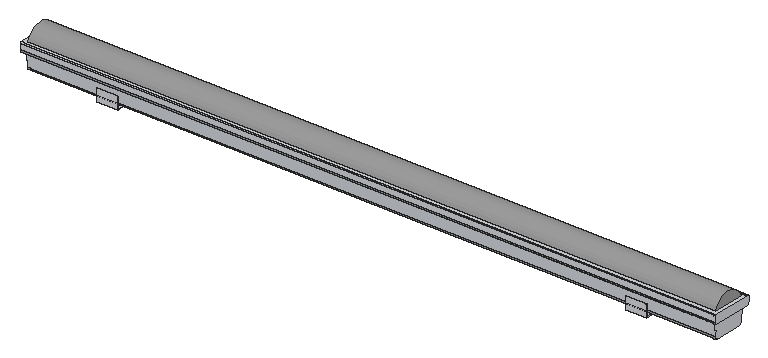
Revit family "0010279", category Lighting Fixtures, host Face, Revit 2017 (continued)
Types (60, lengths in mm): name | Weight | Wattage | TypeName | built-in parameter 1150134 | Photometric Web File | PowerFactor | PowerConsumption | NominalLength | Name | ModelReference | ModelNumber | Model | LuminousEfficacy | built-in parameter 1150105 | Lumens | LampNominalLuminous | LampMacAdamStep | LampColourTemperature | LENGHT_SYL | LENGHT_CHAMFER_SYL | LENGHT-_SYL | LENGHT-_CHAMFER_SYL | L0650_SYL | L1500_SYL | L1200_SYL | built-in parameter 1150107 | built-in parameter 1150106 | built-in parameter 1150104 | DocumentationLiterature | Description | BRACKET_WIDTH_SYL | BRACKET_DIST_SYL | Apparent Load
  0010215 RESISTO 1200 IP66 4800LM 840 QC | "1.61 kg" | 35 W | "Resisto  1200 IP66 4800lm 840 QC" | 12 | "0010215.ies" | 0.95 | "35 W" | 1212 | "Resisto  1200 IP66 4800lm 840 QC" | "Resisto  1200 IP66 4800lm 840 QC" | "0010215" | "Resisto  1200 IP66 4800lm 840 QC" | "137 lm/W" | 1583.6 (stored number, unit not read) | 4795 lm | "4800 lm" | "5" | "4000 K" | 592 | 600 | -592 | -600 | no | no | yes | 4000 (stored number, unit not read) | 15.836 (stored number, unit not read) | 12.728 (stored number, unit not read) | "http://www.sylvania-lighting.com/product/en-int/products/0010215" | "Resisto, integrated LED weatherproof luminaire, with UV stabilized flat diffuser designed to achieve uniform lit appearance, optimise light output and to reduce glare. 301 stainless steel diffuser clips and fixing brackets for surface mounting. Polycarbonate housing and diffuser - no yellow discolouration over time. 4800lm; 35W; 137lm/W; 4000K; SDCM<5; non dimmable; CRI80; IP66; IK08; Class I; 69,000hrs (L80B20) lifespan; 1200mm x 89mm x 88mm; D-mark; assembled with quick connector." | 400 | 444 | 35 VA
  0010214 RESISTO 1200 IP66 2800LM 840 QC | "1.57 kg" | 21 W | "Resisto  1200 IP66 2800lm 840 QC" | 12 | "0010214.ies" | 0.95 | "21 W" | 1212 | "Resisto  1200 IP66 2800lm 840 QC" | "Resisto  1200 IP66 2800lm 840 QC" | "0010214" | "Resisto  1200 IP66 2800lm 840 QC" | "133 lm/W" | 917.95 (stored number, unit not read) | 2793 lm | "2800 lm" | "5" | "4000 K" | 592 | 600 | -592 | -600 | no | no | yes | 4000 (stored number, unit not read) | 9.1795 (stored number, unit not read) | 12.356 (stored number, unit not read) | "http://www.sylvania-lighting.com/product/en-int/products/0010214" | "Resisto, integrated LED weatherproof luminaire, with UV stabilized flat diffuser designed to achieve uniform lit appearance, optimise light output and to reduce glare. 301 stainless steel diffuser clips and fixing brackets for surface mounting. Polycarbonate housing and diffuser - no yellow discolouration over time. 2800lm; 21W; 133lm/W; 4000K; SDCM<5; non dimmable; CRI80; IP66; IK08; Class I; 69,000hrs (L80B20) lifespan; 1200mm x 89mm x 88mm; D-mark; assembled with quick connector." | 400 | 444 | 21 VA
  0010213 RESISTO 1200 IP66 4800LM 865 | "1.54 kg" | 35 W | "Resisto  1200 IP66 4800lm 865" | 1 | "0010213.ies" | 0.95 | "35 W" | 1200 | "Resisto  1200 IP66 4800lm 865" | "Resisto  1200 IP66 4800lm 865" | "0010213" | "Resisto  1200 IP66 4800lm 865" | "137 lm/W" | 1583.6 (stored number, unit not read) | 4795 lm | "4800 lm" | "5" | "6500 K" | 592 | 600 | -592 | -600 | no | no | yes | 6500 (stored number, unit not read) | 15.836 (stored number, unit not read) | 12.728 (stored number, unit not read) | "http://www.sylvania-lighting.com/product/en-int/products/0010213" | "Resisto, integrated LED weatherproof luminaire, with UV stabilized flat diffuser designed to achieve uniform lit appearance, optimise light output and to reduce glare. 301 stainless steel diffuser clips and fixing brackets for surface mounting. Polycarbonate housing and diffuser - no yellow discolouration over time. 4800lm; 35W; 137lm/W; 6500K; SDCM<5; non dimmable; CRI80; IP66; IK08; Class I; 69,000hrs (L80B20) lifespan; 1200mm x 89mm x 88mm; D-mark." | 400 | 444 | 35 VA
  0010212 RESISTO 1200 IP66 2800LM 865 | "1.5 kg" | 21 W | "Resisto  1200 IP66 2800lm 865" | 1 | "0010212.ies" | 0.95 | "21 W" | 1200 | "Resisto  1200 IP66 2800lm 865" | "Resisto  1200 IP66 2800lm 865" | "0010212" | "Resisto  1200 IP66 2800lm 865" | "133 lm/W" | 917.95 (stored number, unit not read) | 2793 lm | "2800 lm" | "5" | "6500 K" | 592 | 600 | -592 | -600 | no | no | yes | 6500 (stored number, unit not read) | 9.1795 (stored number, unit not read) | 12.356 (stored number, unit not read) | "http://www.sylvania-lighting.com/product/en-int/products/0010212" | "Resisto, integrated LED weatherproof luminaire, with UV stabilized flat diffuser designed to achieve uniform lit appearance, optimise light output and to reduce glare. 301 stainless steel diffuser clips and fixing brackets for surface mounting. Polycarbonate housing and diffuser - no yellow discolouration over time. 2800lm; 21W; 133lm/W; 6500K; SDCM<5; non dimmable; CRI80; IP66; IK08; Class I; 69,000hrs (L80B20) lifespan; 1200mm x 89mm x 88mm; D-mark." | 400 | 444 | 21 VA
  0010211 RESISTO 1200 IP66 4800LM 840 | "11.88 kg" | 35 W | "Resisto  1200 IP66 4800lm 840" | 12 | "0010211.ies" | 0.95 | "35.0 W" | 1200 | "Resisto  1200 IP66 4800lm 840" | "Resisto  1200 IP66 4800lm 840" | "0010211" | "Resisto  1200 IP66 4800lm 840" | "137 lm/W" | -7601417.6 (stored number, unit not read) | 4795 lm | "4800 lm" | "5" | "4000 K" | 592 | 600 | -592 | -600 | no | no | yes | 4000 (stored number, unit not read) | -76014.2 (stored number, unit not read) | 12.728 (stored number, unit not read) | "http://www.sylvania-lighting.com/product/en-int/products/0010211" | "Resisto, integrated LED weatherproof luminaire, with UV stabilized flat diffuser designed to achieve uniform lit appearance, optimise light output and to reduce glare. 301 stainless steel diffuser clips and fixing brackets for surface mounting. Polycarbonate housing and diffuser - no yellow discolouration over time. 4800lm; 35W; 137lm/W; 4000K; SDCM<5; non dimmable; CRI80; IP66; IK08; Class I; 69,000hrs (L80B20) lifespan; 1200mm x 89mm x 88mm; D-mark." | 400 | 444 | 35 VA
  0010210 RESISTO 1200 IP66 2800LM 840 | "11.88 kg" | 21 W | "Resisto  1200 IP66 2800lm 840" | 12 | "0010210.ies" | 0.95 | "21.0 W" | 1200 | "Resisto  1200 IP66 2800lm 840" | "Resisto  1200 IP66 2800lm 840" | "0010210" | "Resisto  1200 IP66 2800lm 840" | "133 lm/W" | -2570258.2 (stored number, unit not read) | 2793 lm | "2800 lm" | "5" | "4000 K" | 592 | 600 | -592 | -600 | no | no | yes | 4000 (stored number, unit not read) | -25702.6 (stored number, unit not read) | 12.356 (stored number, unit not read) | "http://www.sylvania-lighting.com/product/en-int/products/0010210" | "Resisto, integrated LED weatherproof luminaire, with UV stabilized flat diffuser designed to achieve uniform lit appearance, optimise light output and to reduce glare. 301 stainless steel diffuser clips and fixing brackets for surface mounting. Polycarbonate housing and diffuser - no yellow discolouration over time. 2800lm; 21W; 133lm/W; 4000K; SDCM<5; non dimmable; CRI80; IP66; IK08; Class I; 69,000hrs (L80B20) lifespan; 1200mm x 89mm x 88mm; D-mark." | 400 | 444 | 21 VA
  0010209 RESISTO 1200 IP66 4800LM 830 | "1.54 kg" | 35 W | "Resisto  1200 IP66 4800lm 830" | (empty or 0) | "0010209.ies" | 0.95 | "35 W" | 1200 | "Resisto  1200 IP66 4800lm 830" | "Resisto  1200 IP66 4800lm 830" | "0010209" | "Resisto  1200 IP66 4800lm 830" | "137 lm/W" | 1583.6 (stored number, unit not read) | 4795 lm | "4800 lm" | "5" | "3000 K" | 592 | 600 | -592 | -600 | no | no | yes | 3000 (stored number, unit not read) | 15.836 (stored number, unit not read) | 12.728 (stored number, unit not read) | "http://www.sylvania-lighting.com/product/en-int/products/0010209" | "Resisto, integrated LED weatherproof luminaire, with UV stabilized flat diffuser designed to achieve uniform lit appearance, optimise light output and to reduce glare. 301 stainless steel diffuser clips and fixing brackets for surface mounting. Polycarbonate housing and diffuser - no yellow discolouration over time. 4800lm; 35W; 137lm/W; 3000K; SDCM<5; non dimmable; CRI80; IP66; IK08; Class I; 69,000hrs (L80B20) lifespan; 1200mm x 89mm x 88mm; D-mark." | 400 | 444 | 35 VA
  0010208 RESISTO 1200 IP66 2800LM 830 | "1.5 kg" | 21 W | "Resisto  1200 IP66 2800lm 830" | (empty or 0) | "0010208.ies" | 0.95 | "21 W" | 1200 | "Resisto  1200 IP66 2800lm 830" | "Resisto  1200 IP66 2800lm 830" | "0010208" | "Resisto  1200 IP66 2800lm 830" | "133 lm/W" | 917.95 (stored number, unit not read) | 2793 lm | "2800 lm" | "5" | "3000 K" | 592 | 600 | -592 | -600 | no | no | yes | 3000 (stored number, unit not read) | 9.1795 (stored number, unit not read) | 12.356 (stored number, unit not read) | "http://www.sylvania-lighting.com/product/en-int/products/0010208" | "Resisto, integrated LED weatherproof luminaire, with UV stabilized flat diffuser designed to achieve uniform lit appearance, optimise light output and to reduce glare. 301 stainless steel diffuser clips and fixing brackets for surface mounting. Polycarbonate housing and diffuser - no yellow discolouration over time. 2800lm; 21W; 133lm/W; 3000K; SDCM<5; non dimmable; CRI80; IP66; IK08; Class I; 69,000hrs (L80B20) lifespan; 1200mm x 89mm x 88mm; D-mark." | 400 | 444 | 21 VA
  0010207 RESISTO 600 HE IP66 2500LM 840 | "0.96 kg" | 16 W | "Resisto  600 HE IP66 2500lm 840" | 12 | "0010207.ies" | 0.95 | "16 W" | 650 | "Resisto  600 HE IP66 2500lm 840" | "Resisto  600 HE IP66 2500lm 840" | "0010207" | "Resisto  600 HE IP66 2500lm 840" | "156 lm/W" | 829.02 (stored number, unit not read) | 2496 lm | "2500 lm" | "3" | "4000 K" | 317 | 325 | -317 | -325 | yes | no | no | 4000 (stored number, unit not read) | 8.2902 (stored number, unit not read) | 14.493 (stored number, unit not read) | "http://www.sylvania-lighting.com/product/en-int/products/0010207" | "Resisto, integrated LED weatherproof luminaire, with UV stabilized flat diffuser designed to achieve uniform lit appearance, optimise light output and to reduce glare. 301 stainless steel diffuser clips and fixing brackets for surface mounting. Polycarbonate housing and diffuser - no yellow discolouration over time. 2500lm; 16W; 156lm/W; 4000K; SDCM<3; non dimmable; CRI80; IP66; IK08; Class I; 69,000hrs (L80B20) lifespan; 650mm x 89mm x 88mm; D-mark." | 125 | 169 | 16 VA
  0010206 RESISTO 600 HE IP66 1400LM 840 | "0.88 kg" | 10 W | "Resisto  600 HE IP66 1400lm 840" | 12 | "0010206.ies" | 0.9 | "10 W" | 650 | "Resisto  600 HE IP66 1400lm 840" | "Resisto  600 HE IP66 1400lm 840" | "0010206" | "Resisto  600 HE IP66 1400lm 840" | "140 lm/W" | 479.25 (stored number, unit not read) | 1400 lm | "1400 lm" | "3" | "4000 K" | 317 | 325 | -317 | -325 | yes | no | no | 4000 (stored number, unit not read) | 4.7925 (stored number, unit not read) | 13.006 (stored number, unit not read) | "http://www.sylvania-lighting.com/product/en-int/products/0010206" | "Resisto, integrated LED weatherproof luminaire, with UV stabilized flat diffuser designed to achieve uniform lit appearance, optimise light output and to reduce glare. 301 stainless steel diffuser clips and fixing brackets for surface mounting. Polycarbonate housing and diffuser - no yellow discolouration over time. 1400lm; 10W; 140lm/W; 4000K; SDCM<3; non dimmable; CRI80; IP66; IK08; Class I; 69,000hrs (L80B20) lifespan; 650mm x 89mm x 88mm; D-mark." | 125 | 169 | 10 VA
  0010205 RESISTO 600 IP66 2500LM 865 | "0.88 kg" | 19 W | "Resisto  600 IP66 2500lm 865" | 1 | "0010205.ies" | 1 | "19 W" | 650 | "Resisto  600 IP66 2500lm 865" | "Resisto  600 IP66 2500lm 865" | "0010205" | "Resisto  600 IP66 2500lm 865" | "132 lm/W" | 833.01 (stored number, unit not read) | 2508 lm | "2500 lm" | "5" | "6500 K" | 317 | 325 | -317 | -325 | yes | no | no | 6500 (stored number, unit not read) | 8.3301 (stored number, unit not read) | 12.263 (stored number, unit not read) | "http://www.sylvania-lighting.com/product/en-int/products/0010205" | "Resisto, integrated LED weatherproof luminaire, with UV stabilized flat diffuser designed to achieve uniform lit appearance, optimise light output and to reduce glare. 301 stainless steel diffuser clips and fixing brackets for surface mounting. Polycarbonate housing and diffuser - no yellow discolouration over time. 2500lm; 19W; 132lm/W; 6500K; SDCM<5; non dimmable; CRI80; IP66; IK08; Class I; 69,000hrs (L80B20) lifespan; 650mm x 89mm x 88mm; D-mark." | 125 | 169 | 19 VA
  0010204 RESISTO 600 IP66 1600LM 865 | "0.88 kg" | 12 W | "Resisto  600 IP66 1600lm 865" | 1 | "0010204.ies" | 0.9 | "12 W" | 650 | "Resisto  600 IP66 1600lm 865" | "Resisto  600 IP66 1600lm 865" | "0010204" | "Resisto  600 IP66 1600lm 865" | "133 lm/W" | 546.34 (stored number, unit not read) | 1596 lm | "1600 lm" | "5" | "6500 K" | 317 | 325 | -317 | -325 | yes | no | no | 6500 (stored number, unit not read) | 5.4634 (stored number, unit not read) | 12.356 (stored number, unit not read) | "http://www.sylvania-lighting.com/product/en-int/products/0010204" | "Resisto, integrated LED weatherproof luminaire, with UV stabilized flat diffuser designed to achieve uniform lit appearance, optimise light output and to reduce glare. 301 stainless steel diffuser clips and fixing brackets for surface mounting. Polycarbonate housing and diffuser - no yellow discolouration over time. 1600lm; 12W; 133lm/W; 6500K; SDCM<5; non dimmable; CRI80; IP66; IK08; Class I; 69,000hrs (L80B20) lifespan; 650mm x 89mm x 88mm; D-mark." | 125 | 169 | 12 VA
  0010203 RESISTO 600 IP66 2500LM 840 | "10.2 kg" | 19 W | "Resisto  600 IP66 2500lm 840" | 12 | "0010203.ies" | 0.95 | "19.0 W" | 650 | "Resisto  600 IP66 2500lm 840" | "Resisto  600 IP66 2500lm 840" | "0010203" | "Resisto  600 IP66 2500lm 840" | "132 lm/W" | -2082492.7 (stored number, unit not read) | 2508 lm | "2500 lm" | "5" | "4000 K" | 317 | 325 | -317 | -325 | yes | no | no | 4000 (stored number, unit not read) | -20824.9 (stored number, unit not read) | 12.263 (stored number, unit not read) | "http://www.sylvania-lighting.com/product/en-int/products/0010203" | "Resisto, integrated LED weatherproof luminaire, with UV stabilized flat diffuser designed to achieve uniform lit appearance, optimise light output and to reduce glare. 301 stainless steel diffuser clips and fixing brackets for surface mounting. Polycarbonate housing and diffuser - no yellow discolouration over time. 2500lm; 19W; 132lm/W; 4000K; SDCM<5; non dimmable; CRI80; IP66; IK08; Class I; 69,000hrs (L80B20) lifespan; 650mm x 89mm x 88mm; D-mark." | 125 | 169 | 19 VA
  0010202 RESISTO 600 IP66 1600LM 840 | "10.2 kg" | 12 W | "Resisto  600 IP66 1600lm 840" | 12 | "0010202.ies" | 0.9 | "12.0 W" | 650 | "Resisto  600 IP66 1600lm 840" | "Resisto  600 IP66 1600lm 840" | "0010202" | "Resisto  600 IP66 1600lm 840" | "133 lm/W" | -874129.2 (stored number, unit not read) | 1596 lm | "1600 lm" | "5" | "4000 K" | 317 | 325 | -317 | -325 | yes | no | no | 4000 (stored number, unit not read) | -8741.3 (stored number, unit not read) | 12.356 (stored number, unit not read) | "http://www.sylvania-lighting.com/product/en-int/products/0010202" | "Resisto, integrated LED weatherproof luminaire, with UV stabilized flat diffuser designed to achieve uniform lit appearance, optimise light output and to reduce glare. 301 stainless steel diffuser clips and fixing brackets for surface mounting. Polycarbonate housing and diffuser - no yellow discolouration over time. 1600lm; 12W; 133lm/W; 4000K; SDCM<5; non dimmable; CRI80; IP66; IK08; Class I; 69,000hrs (L80B20) lifespan; 650mm x 89mm x 88mm; D-mark." | 125 | 169 | 12 VA
  0010279 RESISTO 1500 HE IP66 DALI 8300LM 840 | "2.01 kg" | 54 W | "Resisto 1500 HE IP66 DALI 8300lm 840" | 12 | "0010279.ies" | 0.99 | "54 W" | 1500 | "Resisto 1500 HE IP66 DALI 8300lm 840" | "Resisto 1500 HE IP66 DALI 8300lm 840" | "0010279" | "Resisto 1500 HE IP66 DALI 8300lm 840" | "154 lm/W" | 2773 (stored number, unit not read) | 8316 lm | "8300 lm" | "3" | "4000 K" | 742 | 750 | -742 | -750 | no | yes | no | 4000 (stored number, unit not read) | 27.73 (stored number, unit not read) | 14.307 (stored number, unit not read) | "http://www.sylvania-lighting.com/product/en-int/products/0010279" | "Resisto, integrated LED weatherproof luminaire, with UV stabilized flat diffuser designed to achieve uniform lit appearance, optimise light output and to reduce glare. 301 stainless steel diffuser clips and fixing brackets for surface mounting. Polycarbonate housing and diffuser - no yellow discolouration over time. 8300lm; 54W; 154lm/W; 4000K; SDCM<3; DALI dimmable; CRI80; IP66; IK08; Class I; 69,000hrs (L80B20) lifespan; 1500mm x 89mm x 88mm; D-mark." | 550 | 594 | 54 VA
